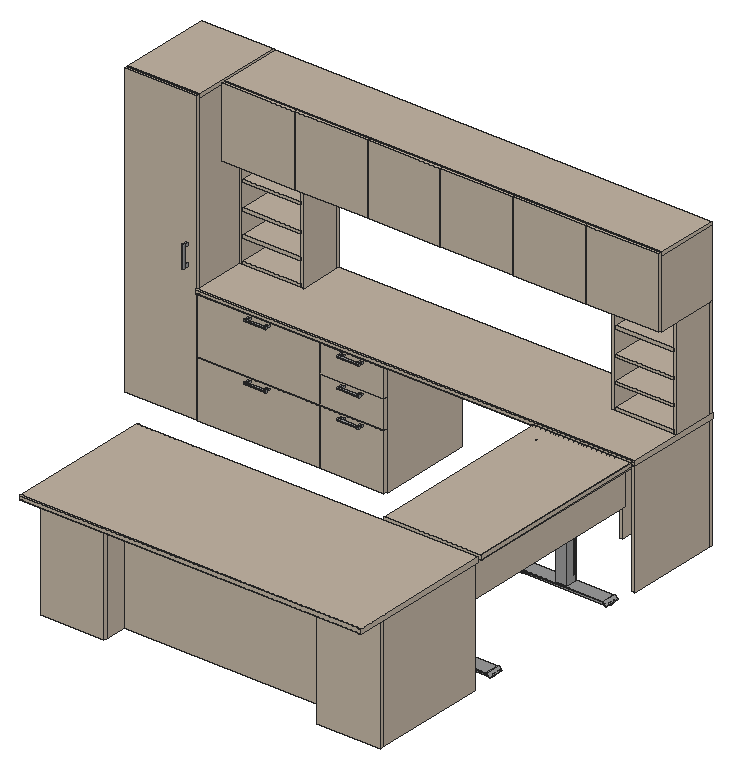
Revit family "JSI-Vision-Typical_Laminate-VST106", category Furniture, Revit 2020 (continued)
Definition of nested family "JSI-Vision-Adjustable_Table_Height_Bridge-Standard_Range"
  Definition of nested family "Adj Base Bridge Desk"
    Dimensions and locks (in)
      Extrusion 10 sketch curve to Extrusion 10 sketch curve to Extrusion 10 sketch curve to Extrusion 10 sketch curve to Extrusion 10 sketch curve to Extrusion 10 sketch curve to Extrusion 10 sketch curve to Extrusion 10 sketch curve = 3/32" locked, 0.59852" locked, 0.09508" locked, 3.83863" locked, 0.09508" locked, 0.59852" locked, 3/32" locked
      Extrusion 10 to Extrusion 3 to plane 5 = 17.86615" locked, 4.88976" locked
      Extrusion 2 to Extrusion 3 to plane 3 "Center (Left/Right)" = 17.86615" locked, 4.88977" locked
      Revolve 11 sketch curve to Revolve 11 sketch curve to Revolve 11 sketch curve to plane 7 = 0.1964" locked, 0.63019" locked, 0.15765" locked
      Revolve 12 sketch curve to Revolve 12 sketch curve to Revolve 12 sketch curve = 0.1964" locked, 0.63019" locked
      Revolve 12 to plane 1 "Center (Front/Back)" to Revolve 11 = 10.27547" locked, 10.27559" locked
      Revolve 13 sketch curve to Revolve 13 sketch curve to Revolve 13 sketch curve to plane 8 = 0.1964" locked, 0.63019" locked, 0.15765" locked
      Revolve 14 sketch curve to Revolve 14 sketch curve to Revolve 14 sketch curve = 0.1964" locked, 0.63019" locked
      Revolve 14 to Revolve 13 = 20.55106"
      Revolve 13 to plane 1 "Center (Front/Back)" to Revolve 14 = 10.27559" locked, 10.27547" locked
      locked: Extrusion 15 sketch curve to Extrusion 15 sketch curve at 0.62992
      Extrusion 15 sketch curve to plane 1 "Center (Front/Back)" to Extrusion 15 sketch curve = 11.14173" locked, 11.14173" locked
      "W Top": plane 3 "Center (Left/Right)" to plane 5
      plane 3 "Center (Left/Right)" to plane 7 = 5.09647"
      plane 8 to plane 5 = 5.09647"
      Extrusion 7 sketch curve to Extrusion 7 sketch curve to plane 1 "Center (Front/Back)" to Extrusion 7 sketch curve to Extrusion 7 sketch curve = 0.09843" locked, 1.2505" locked, 1.26995" locked, 25/256" locked
      plane 3 "Center (Left/Right)" to Extrusion 7 sketch curve to Extrusion 7 sketch curve to Extrusion 7 sketch curve to Extrusion 7 sketch curve = 3.73819" locked, 25/256" locked, 2.52045" locked, 0.09843" locked
      Extrusion 16 sketch curve to Extrusion 16 sketch curve to plane 1 "Center (Front/Back)" to Extrusion 16 sketch curve to Extrusion 16 sketch curve = 0.09843" locked, 1.06349" locked, 1.08218" locked, 0.09843" locked
      plane 3 "Center (Left/Right)" to Extrusion 16 sketch curve to Extrusion 16 sketch curve to Extrusion 16 sketch curve to Extrusion 16 sketch curve = 3.92519" locked, 0.09843" locked, 2.14567" locked, 0.09843" locked
      Extrusion 16 sketch curve to Extrusion 16 sketch curve to Extrusion 16 sketch curve to Extrusion 16 sketch curve to plane 5 = 0.09843" locked, 2.14567" locked, 0.09843" locked, 3.92519" locked
      plane 1 "Center (Front/Back)" to Extrusion 16 = 1.16192"
      Extrusion 16 to Extrusion 16 to plane 6 = 23.38583" locked, 2.15356" locked
      Extrusion 6 to Extrusion 15 to plane 8 to Extrusion 15 to Extrusion 6 to plane 5 = 0.25591" locked, 1.55512" locked, 1.55512" locked, 0.25591" locked, 3.28544" locked
      Extrusion 16 sketch curve to Extrusion 16 sketch curve to plane 1 "Center (Front/Back)" to Extrusion 16 sketch curve to Extrusion 16 sketch curve = 0.09843" locked, 1.08218" locked, 1.04772" locked, 0.1142" locked
      aligned and locked: plane 2 to level
      aligned and locked: Extrusion 7 to Extrusion 4
      aligned and locked: Extrusion 3 sketch curve to Extrusion 3 sketch curve  (x2)
      aligned and locked: Extrusion 8 sketch curve to plane 6
      aligned and locked: plane 6 to Extrusion 8 sketch curve
      aligned and locked: Extrusion 8 sketch curve to Extrusion 8 sketch curve  (x2)
      aligned and locked: Extrusion 9 sketch curve to Extrusion 9 sketch curve
      aligned and locked: plane 7 to Revolve 11 sketch curve
      aligned and locked: plane 8 to Revolve 13 sketch curve
      aligned and locked: curve 1 to Extrusion 4
      aligned and locked: curve 2 to Extrusion 4
      aligned and locked: Extrusion 4 to curve 3
      aligned and locked: curve 4 to Extrusion 4
      aligned and locked: curve 5 to Extrusion 6
      aligned and locked: Extrusion 6 to curve 6
      aligned and locked: curve 7 to Extrusion 6
      aligned and locked: curve 8 to Extrusion 6
      aligned and locked: curve 9 to cut or joined group of Extrusion 8, Extrusion 9
      aligned and locked: curve 10 to cut or joined group of Extrusion 8, Extrusion 9
      aligned and locked: cut or joined group of Extrusion 8, Extrusion 9 to curve 11
      aligned and locked: curve 12 to cut or joined group of Extrusion 8, Extrusion 9
      aligned and locked: curve 13 to cut or joined group of Extrusion 8, Extrusion 9
      aligned and locked: curve 14 to cut or joined group of Extrusion 8, Extrusion 9
      aligned and locked: curve 15 to cut or joined group of Extrusion 8, Extrusion 9
      aligned and locked: curve 16 to cut or joined group of Extrusion 8, Extrusion 9
      aligned and locked: Extrusion 2 to curve 31
      aligned and locked: Extrusion 2 to curve 32
      aligned and locked: Extrusion 10 to curve 31
      aligned and locked: Extrusion 10 to curve 32
      aligned and locked: Extrusion 2 to curve 33
      aligned and locked: Extrusion 2 to curve 34
      aligned and locked: Extrusion 10 to curve 33
      aligned and locked: Extrusion 10 to curve 34
      aligned and locked: Extrusion 16 to Extrusion 1
    Automatic sketch dimensions
      Extrusion 3 sketch curve to Extrusion 3 sketch curve = 0.1181"  (x3)
      level to Extrusion 4 sketch curve = 1.1022"  (x2)
      Extrusion 4 sketch curve to Extrusion 4 sketch curve = 0.1607"  (x2)
      level to Extrusion 4 sketch curve = 0.99371"
      Extrusion 4 sketch curve to Extrusion 4 sketch curve = 0.07561"
      Extrusion 4 sketch curve to Extrusion 4 sketch curve = 0.08017"
      level to Extrusion 4 sketch curve = 0.99365"
      Extrusion 4 sketch curve to Extrusion 4 sketch curve = 0.09554"
      Extrusion 4 sketch curve to Extrusion 4 sketch curve = 0.01252"
      level to Extrusion 6 sketch curve = 0.4268"
      plane 1 "Center (Front/Back)" to Extrusion 6 sketch curve = 11.48879"
      level to Extrusion 6 sketch curve = 1.1022"  (x2)
      Extrusion 6 sketch curve to Extrusion 6 sketch curve = 0.16069"  (x2)
      level to Extrusion 6 sketch curve = 0.99372"
      Extrusion 6 sketch curve to Extrusion 6 sketch curve = 0.08017"
      level to Extrusion 6 sketch curve = 0.99365"
      Extrusion 6 sketch curve to Extrusion 6 sketch curve = 0.08035"
      level to Extrusion 15 sketch curve = 0.89789"
      level to Extrusion 15 sketch curve = 0.99365"
      Extrusion 15 sketch curve to Extrusion 15 sketch curve = 0.08035"
      Extrusion 15 sketch curve to Extrusion 15 sketch curve = 0.62321"
      Extrusion 15 sketch curve to Extrusion 15 sketch curve = 0.54294"
      Extrusion 15 sketch curve to Extrusion 15 sketch curve = 0.08017"
      Extrusion 15 sketch curve to Extrusion 15 sketch curve = 0.14516"  (x2)
      Extrusion 15 sketch curve to Extrusion 15 sketch curve = 0.12472"
      Extrusion 1 sketch curve to Extrusion 1 sketch curve = 0.5621"
      Extrusion 2 sketch curve to Extrusion 2 sketch curve = 0.0984"  (x4)
      Extrusion 2 sketch curve to plane 6 = 1.49606"  (x2)
      Extrusion 2 sketch curve to plane 6 = 0.21319"  (x2)
      level to Extrusion 5 sketch curve = 0.99371"
      Extrusion 5 sketch curve to Extrusion 5 sketch curve = 0.54294"
      Extrusion 5 sketch curve to Extrusion 5 sketch curve = 0.08017"
      Extrusion 5 sketch curve to Extrusion 5 sketch curve = 0.62321"
      level to Extrusion 5 sketch curve = 0.99365"
      Extrusion 5 sketch curve to Extrusion 5 sketch curve = 0.08035"
      Extrusion 5 sketch curve to Extrusion 5 sketch curve = 0.14516"  (x2)
      Extrusion 9 sketch curve to plane 6 = 0.86607"  (x2)
      Extrusion 9 sketch curve to Extrusion 9 sketch curve = 0.09543"
      Extrusion 9 sketch curve to plane 6 = 2.12599"  (x2)
      Extrusion 9 sketch curve to Extrusion 9 sketch curve = 0.2863"
      plane 1 "Center (Front/Back)" to Extrusion 10 sketch curve = 2.70667"
      Extrusion 10 sketch curve to Extrusion 10 sketch curve = 3/32"
      Extrusion 10 sketch curve to Extrusion 10 sketch curve = 0.0984"  (x2)
      Extrusion 10 sketch curve to Extrusion 10 sketch curve = 0.09389"
      Extrusion 10 sketch curve to plane 6 = 0.11811"  (x2)
      Extrusion 10 sketch curve to Extrusion 10 sketch curve = 1.18447"
      Extrusion 10 sketch curve to Extrusion 10 sketch curve = 1.1858"
      plane 7 to Revolve 11 sketch curve = 0"
      Revolve 11 sketch curve to level = 0"
      level to Revolve 11 sketch curve = 0.19657"
      Revolve 11 sketch curve to Revolve 11 sketch curve = 0.1964"
      Revolve 11 sketch curve to Revolve 11 sketch curve = 0.55192"
      Revolve 11 sketch curve to Revolve 11 sketch curve = 0.16385"
      Revolve 11 sketch curve to Revolve 11 sketch curve = 0.05111"
      plane 7 to Revolve 12 sketch curve = 0"  (x2)
      plane 7 to Revolve 12 sketch curve = 0.15765"
      Revolve 12 sketch curve to level = 0"
      level to Revolve 12 sketch curve = 0.19657"
      Revolve 12 sketch curve to Revolve 12 sketch curve = 0.1964"
      Revolve 12 sketch curve to Revolve 12 sketch curve = 0.55192"
      Revolve 12 sketch curve to Revolve 12 sketch curve = 0.16385"
      Revolve 12 sketch curve to Revolve 12 sketch curve = 0.05111"
      Revolve 13 sketch curve to level = 0"
      plane 8 to Revolve 13 sketch curve = 0"
      level to Revolve 13 sketch curve = 0.19657"
      Revolve 13 sketch curve to Revolve 13 sketch curve = 0.1964"
      Revolve 13 sketch curve to Revolve 13 sketch curve = 0.55192"
      Revolve 13 sketch curve to Revolve 13 sketch curve = 0.16385"
      Revolve 13 sketch curve to Revolve 13 sketch curve = 0.05111"
      Revolve 14 sketch curve to level = 0"
      plane 8 to Revolve 14 sketch curve = 0"  (x2)
      plane 8 to Revolve 14 sketch curve = 0.15765"
      level to Revolve 14 sketch curve = 0.19657"
      Revolve 14 sketch curve to Revolve 14 sketch curve = 0.1964"
      Revolve 14 sketch curve to Revolve 14 sketch curve = 0.55192"
      Revolve 14 sketch curve to Revolve 14 sketch curve = 0.16385"
      Revolve 14 sketch curve to Revolve 14 sketch curve = 0.05111"
      plane 7 to curve 3 = 1.81102"
      plane 1 "Center (Front/Back)" to curve 28 = 1.91932"
      plane 1 "Center (Front/Back)" to curve 20 = 1.91932"
      curve 30 to plane 8 = 1.91634"
      curve 28 to curve 26 = 0.78735"
      curve 22 to curve 20 = 0.78735"
      curve 18 to plane 1 "Center (Front/Back)" = 1.91932"
      curve 23 to plane 1 "Center (Front/Back)" = 1.91932"
      curve 23 to curve 23 = 0.78735"
      curve 18 to curve 17 = 0.78735"
      plane 1 "Center (Front/Back)" to curve 34 = 2.6279"
      plane 1 "Center (Front/Back)" to curve 33 = 2.03689"
      curve 22 to curve 20 = 0.78554"
      curve 23 to curve 32 = 0.1185"
      curve 31 to curve 17 = 0.07868"
      Extrusion 8 sketch curve to Extrusion 8 sketch curve = 0.00029"
      Extrusion 8 sketch curve to Extrusion 8 sketch curve = 0.00968"
      Extrusion 16 sketch curve to Extrusion 16 sketch curve = 0.09843"  (x2)
      Extrusion 7 sketch curve to Extrusion 7 sketch curve = 0.09807"
      Extrusion 7 sketch curve to Extrusion 7 sketch curve = 0.11305"
Definition of nested family "JSI-Vision-Storage_Tower_Transaction_Support_Cabinet"
  Parameters (values of type "VST2016ST, Storage Tower Insert Transaction Support Cabinet 16w x 24 3/4h")
    Verticall Partition Distance = if(Width > 47", ((Width - 3/4" - 3/4" - (# of Vertical Partition * 3/4")) / (# of Vertical Partition + 1) + 3/4"), 0")  # 0"
    Ver. Partition Start Distance = if(Width < 48", (Unit Centre - 3/8"), Verticall Partition Distance)  # 7 5/8"
    Unit Centre = Width / 2  # 8"
    Width = 16"
    URL = "www.jsifurniture.com"
    Type Comments = ""
    Tag = "Open"
    Shelve Finish = none
    Series = "Vision Casegoods"  # constant formula
    Overhead Height = 1/16"
    Model = "VST2016ST"
    Material = ""
    Manufacturer = "JSI"  # constant formula
    Keynote = "12500"
    JSI Enviromental Website = "http://www.svxfurniture.com/svx_sustainability_intro.php"
    Height = 24 3/4"
    Description = "Storage Tower Insert Transaction Support Cabinet 16w x 24 3/4h"
    Depth = 10 13/16"
    Default Elevation = 0"
    Chassis Finish = none
    Assembly Code = "E2020200"
    # of Vertical Partition = if(Width > 89", 5, (if(Width > 77", 4, (if(Width > 59", 3, (if(Width > 47", 2, 2)))))))  # 2
  Types (2): name | Model
    VST2016ST, Storage Tower Insert Transaction Support Cabinet 16w x 24 3/4h | "VST2016ST"
    VSV2016ST, Storage Tower Insert Transaction Support Cabinet 16w x 24 3/4h | "VSV2016ST"
  Reference planes (in)
    plane 1 "Center Front/Back": y = 0
    plane 2: z = 0
    plane 3 "Center Left/Right": x = 0
    plane 4: z = 29.1875
    plane 5: x = 16
    plane 6: y = -10.8125
    plane 7: x = 8
    plane 8: z = 53.9375
  Forms (in)
    Extrusion 1, solid, material <- "Chassis Finish"
      sketch origin (0, 0, 0) x (1, 0, 0) y (0, 1, 0)
        loop
          line (0, 0) -> (0, -0.75) -> (16, -0.75) -> (16, 0) -> (0, 0)
      from 29.1875 to 53.9375
    Extrusion 2, solid, material <- "Chassis Finish"
      sketch origin (0, 0, 0) x (1, 0, 0) y (0, 1, 0)
        loop
          line (0.75, -0.75) -> (0, -0.75) -> (0, -10.8125) -> (0.75, -10.8125) -> (0.75, -0.75)
        loop
          line (15.25, -0.75) -> (15.25, -10.8125) -> (16, -10.8125) -> (16, -0.75) -> (15.25, -0.75)
      from 29.1875 to 53.9375
    Extrusion 3, solid, material <- "Chassis Finish"
      sketch origin (130.61992, -1.6875, 48) x (1, 0, 0) y (0, 0, 1)
        loop
          line (-129.86992, 5.9375) -> (-129.86992, 5.1875) -> (-115.36992, 5.1875) -> (-115.36992, 5.9375) -> (-129.86992, 5.9375)
      from -0.9375 to 9.125
    Extrusion 4, solid, material <- "Chassis Finish"
      sketch origin (130.61992, -1.6875, 48) x (1, 0, 0) y (0, 0, 1)
        loop
          line (-129.86992, -18.8125) -> (-115.36992, -18.8125) -> (-115.36992, -18.0625) -> (-129.86992, -18.0625) -> (-129.86992, -18.8125)
      from -0.9375 to 9.125
    Extrusion 5, solid, material <- "Shelve Finish"
      sketch origin (1.5, -180, 96) x (0, 0, 1) y (0, -1, 0)
        loop
          line (-48.01662, -179.25) -> (-48.01662, -169.25) -> (-48.76662, -169.25) -> (-48.76662, -179.25) -> (-48.01662, -179.25)
        loop
          line (-54.31371, -179.25) -> (-54.31371, -169.25) -> (-55.06371, -169.25) -> (-55.06371, -179.25) -> (-54.31371, -179.25)
        loop
          line (-60.26117, -179.25) -> (-60.26117, -169.25) -> (-61.01117, -169.25) -> (-61.01117, -179.25) -> (-60.26117, -179.25)
      from -0.75 to 13.75
  Lines and regions (in)
    symbolic lines
      curve 1: line (0, 0, 0) -> (16, 0, 0)
      curve 2: line (0, -10.8125, 0) -> (0, 0, 0)
      curve 3: line (16, -10.8125, 0) -> (0, -10.8125, 0)
      curve 4: line (16, 0, 0) -> (16, -10.8125, 0)
      curve 5: line (0, -0.75, 0) -> (16, -0.75, 0)
      curve 6: line (0.75, -10.8125, 0) -> (0.75, -0.75, 0)
      curve 7: line (15.25, -10.8125, 0) -> (15.25, -0.75, 0)
  Dimensions and locks (in)
    equal spacing: plane 3 "Center Left/Right", plane 7, plane 5
    plane 3 "Center Left/Right" to plane 5 = 16"
    plane 1 "Center Front/Back" to plane 6 = 10 13/16"
    plane 8 to plane 4 = 24 3/4"
    aligned and locked: level to plane 2
    aligned and locked: Extrusion 1 to plane 4
    aligned and locked: plane 8 to Extrusion 1
    aligned and locked: Extrusion 2 to plane 4
    aligned and locked: plane 8 to Extrusion 2
    aligned and locked: Extrusion 3 to Extrusion 2
    aligned and locked: Extrusion 2 to Extrusion 4
    aligned and locked: Extrusion 3 to plane 6
    aligned and locked: Extrusion 4 to plane 6
    aligned and locked: Extrusion 5 to Extrusion 3
    aligned and locked: Extrusion 3 to Extrusion 5
    aligned and locked: plane 3 "Center Left/Right" to curve 2
    aligned and locked: curve 4 to plane 5
    aligned and locked: plane 6 to curve 3
    aligned and locked: plane 1 "Center Front/Back" to curve 1
    aligned and locked: curve 5 to Extrusion 1
    aligned and locked: curve 6 to Extrusion 2
    aligned and locked: curve 7 to Extrusion 2
  Automatic sketch dimensions
    Extrusion 1 sketch curve to plane 3 "Center Left/Right" = 0"
    Extrusion 1 sketch curve to plane 5 = 0"
    plane 1 "Center Front/Back" to Extrusion 1 sketch curve = 0"
    Extrusion 1 sketch curve to Extrusion 1 sketch curve = 3/4"
    Extrusion 2 sketch curve to plane 3 "Center Left/Right" = 0"
    Extrusion 2 sketch curve to plane 6 = 0"  (x2)
    Extrusion 2 sketch curve to plane 5 = 0"
    Extrusion 2 sketch curve to Extrusion 2 sketch curve = 3/4"
    Extrusion 2 sketch curve to plane 5 = 3/4"
    plane 1 "Center Front/Back" to Extrusion 2 sketch curve = 3/4"  (x2)
    Extrusion 3 sketch curve to plane 8 = 0"
    plane 3 "Center Left/Right" to Extrusion 3 sketch curve = 3/4"
    Extrusion 3 sketch curve to plane 5 = 3/4"
    Extrusion 3 sketch curve to Extrusion 3 sketch curve = 3/4"
    Extrusion 4 sketch curve to plane 4 = 0"
    plane 3 "Center Left/Right" to Extrusion 4 sketch curve = 3/4"
    Extrusion 4 sketch curve to plane 5 = 3/4"
    Extrusion 4 sketch curve to Extrusion 4 sketch curve = 3/4"
    plane 1 "Center Front/Back" to Extrusion 5 sketch curve = 3/4"  (x3)
    plane 4 to Extrusion 5 sketch curve = 5.80133"
    Extrusion 5 sketch curve to Extrusion 5 sketch curve = 3/4"  (x3)
    plane 6 to Extrusion 5 sketch curve = 1/16"  (x3)
    Extrusion 5 sketch curve to Extrusion 5 sketch curve = 5.19746"
    Extrusion 5 sketch curve to Extrusion 5 sketch curve = 5.54709"
  Nested families (in)
    nested 1: "Label 1-16 OH" at (78.36211, -36.09673, 0), type "OH DOORS"
  Definition of nested family "Label 1-16 OH"
    Parameters
      Width = 1"
      Model Name = "XX"
    Reference planes (in)
      plane 1: y = 0
      plane 2: x = 0
    Text (in)
      label "XX" at (0.00051, -0.12324, 0), shows "Model Name"
Definition of nested family "JSI-Vision-Adj_Bridge_Modesty"
  Parameters (values of type "Modesty for Adj Bridge - Type Catalog Family")
    Width = 40"
    URL = "www.jsifurniture.com"
    Type Comments = ""
    Series = "Vision Casegoods"  # constant formula
    JSI Enviromental Website = "http://www.jsifurniture.com/jsi_sustainability_intro.php"
    Panel = none
    Height-Panel = 9"
    Height = 30"
    Default Elevation = 0"
    Bracket = none
    Model = "Type Catalog"
    Material = ""
    Manufacturer = "JSI"  # constant formula
    Keynote = "12500"  # constant formula
    Description = "Type Catalog"
    Assembly Code = "E2020200"
  Reference planes (in)
    plane 1 "Center Front/Back": y = 0
    plane 2: z = 0
    plane 3 "Center Left/Right": x = 0
    plane 4: z = 30
    plane 5: y = -0.75
    plane 6: x = 20
    plane 7: x = 40
    plane 8: z = 28.8125
    plane 9: x = 8.375
    plane 10: x = 31.625
    plane 11: z = 19.8125
  Forms (in)
    Extrusion 1, solid, material <- "Panel"
      sketch origin (-12, -1, 0) x (1, 0, 0) y (0, 0, -1)
        loop
          line (12, -28.8125) -> (52, -28.8125) -> (52, -19.8125) -> (12, -19.8125) -> (12, -28.8125)
      from 0.25 to 1
    Extrusion 2, solid, material <- "Bracket", detail levels medium+fine
      sketch origin (-12, -1, 0) x (0, -1, 0) y (0, 0, -1)
        loop
          line (1, -28.8125) -> (1, -28.6875) -> (-0.125, -28.6875) -> (-0.125, -22.8125) -> (-0.25, -22.8125) -> (-0.25, -28.8125) -> (1, -28.8125)
      from 20 to 20.75
    Extrusion 3, solid, material <- "Bracket", detail levels medium+fine
      sketch origin (11.625, -1, 0) x (0, -1, 0) y (0, 0, -1)
        loop
          line (1, -28.8125) -> (1, -28.6875) -> (-0.125, -28.6875) -> (-0.125, -22.8125) -> (-0.25, -22.8125) -> (-0.25, -28.8125) -> (1, -28.8125)
      from 8 to 8.75
    Extrusion 4, solid, material <- "Bracket", detail levels medium+fine
      sketch origin (35.25, -1, 0) x (0, -1, 0) y (0, 0, -1)
        loop
          line (1, -28.8125) -> (1, -28.6875) -> (-0.125, -28.6875) -> (-0.125, -22.8125) -> (-0.25, -22.8125) -> (-0.25, -28.8125) -> (1, -28.8125)
      from -4 to -3.25
  Lines and regions (in)
    symbolic lines
      curve 1: line (0, 0, 0) -> (40, 0, 0)
      curve 2: line (0, -0.75, 0) -> (0, 0, 0)
      curve 3: line (40, -0.75, 0) -> (0, -0.75, 0)
      curve 4: line (40, 0, 0) -> (40, -0.75, 0)
  Dimensions and locks (in)
    locked: Extrusion 2 to Extrusion 2 at 0.75
    locked: Extrusion 3 to Extrusion 3 at 0.75
    locked: Extrusion 4 to Extrusion 4 at 0.75
    locked: plane 10 to plane 7 at 8.375
    equal spacing: Extrusion 2, plane 9, Extrusion 2
    equal spacing: Extrusion 4, plane 10, Extrusion 4
    "Height": plane 4 to plane 2
    "Height-Panel": plane 8 to plane 11
    locked: plane 4 to plane 8 at 1.1875
    equal spacing: plane 3 "Center Left/Right", plane 6, plane 7
    "Width": plane 3 "Center Left/Right" to plane 7
    equal spacing: Extrusion 3, plane 6, Extrusion 3
    locked: plane 3 "Center Left/Right" to plane 9 at 8.375
    aligned and locked: level to plane 2
    aligned and locked: Extrusion 1 to plane 5
    aligned and locked: Extrusion 1 to plane 7
    aligned and locked: plane 8 to Extrusion 1
    aligned and locked: plane 8 to Extrusion 2
    aligned and locked: plane 8 to Extrusion 3
    aligned and locked: plane 8 to Extrusion 4
    aligned and locked: curve 3 to Extrusion 1
    aligned and locked: plane 7 to curve 4
    aligned and locked: curve 1 to Extrusion 1
    aligned and locked: Extrusion 1 to plane 11
    aligned and locked: Extrusion 1 to plane 1 "Center Front/Back"
    aligned and locked: Extrusion 1 to plane 3 "Center Left/Right"
  Automatic sketch dimensions
    plane 7 to Extrusion 1 sketch curve = 0"
    Extrusion 1 sketch curve to plane 8 = 0"
    Extrusion 1 sketch curve to Extrusion 1 sketch curve = 9"
    Extrusion 2 sketch curve to plane 5 = 0"
    Extrusion 2 sketch curve to plane 8 = 0"
    Extrusion 2 sketch curve to Extrusion 2 sketch curve = 1/8"
    Extrusion 2 sketch curve to plane 8 = 1/8"
    Extrusion 2 sketch curve to Extrusion 2 sketch curve = 1 1/8"
    Extrusion 2 sketch curve to Extrusion 2 sketch curve = 5 7/8"
    Extrusion 3 sketch curve to plane 5 = 0"
    Extrusion 3 sketch curve to plane 8 = 0"
    Extrusion 3 sketch curve to Extrusion 3 sketch curve = 1/8"
    Extrusion 3 sketch curve to plane 8 = 1/8"
    Extrusion 3 sketch curve to Extrusion 3 sketch curve = 1 1/8"
    Extrusion 3 sketch curve to Extrusion 3 sketch curve = 5 7/8"
    Extrusion 4 sketch curve to plane 5 = 0"
    Extrusion 4 sketch curve to plane 8 = 0"
    Extrusion 4 sketch curve to Extrusion 4 sketch curve = 1/8"
    Extrusion 4 sketch curve to plane 8 = 1/8"
    Extrusion 4 sketch curve to Extrusion 4 sketch curve = 1 1/8"
    Extrusion 4 sketch curve to Extrusion 4 sketch curve = 5 7/8"
    plane 9 to curve 1 = 8 3/8"
    plane 9 to Extrusion 1 sketch curve = 8 3/8"
